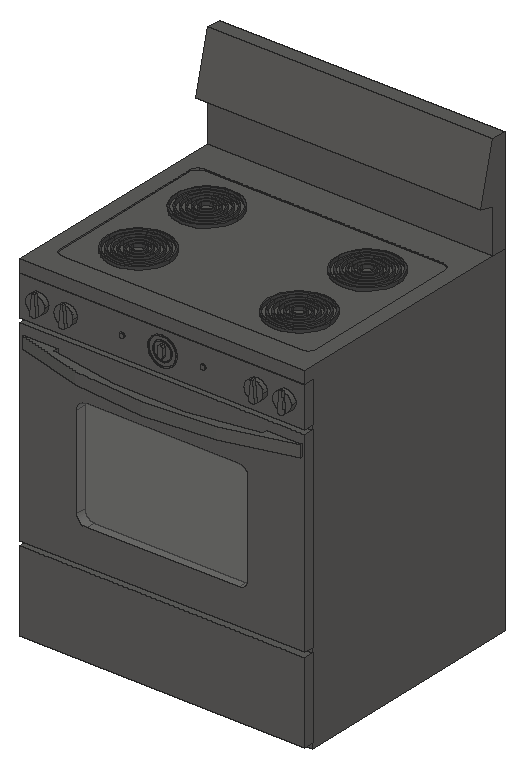
Revit family "JB450DFBB_GE_RANGE ADA", category Specialty Equipment, Revit 2019
Family settings
  Round Connector Dimension = Use Diameter
  Part Type = Normal
  Work Plane-Based = No
  Always vertical = Yes
  Cut with Voids When Loaded = No
  Shared = No
  Room Calculation Point = No
Parameters
  Model = "JB450DFBB"
  Manufacturer = "GE APPLIANCES"
  M_VISOR = M_GLASS
  M_RANGE = M_ST_RANGE
  M_HANDLE = M_ST_HANDLE
  M_DETAILS = M_OT_DETAILS
  M_BURNER = M_ST_BURNER
  HIGHT_TOTAL = HIGHT + 0' 11"  # 3' - 11"
  HIGHT = 3' - 0"
  Description = "30\" Free-Standing Electric Range"
Reference planes (in)
  plane 1 "Center (Front/Back)": y = 0
  plane 2: z = 0
  plane 3 "Center (Left/Right)": x = 0
  plane 4: z = 34.75
  plane 5: z = 36
  plane 6: z = 47
  plane 7: z = 32.625
  plane 8: through (-13.22425, -177.14074, 0.89531) normal (0, -0.1908, 0.9816)
  plane 9: y = 13.125
Forms (in)
  Extrusion 1, solid, material "M_ST_RANGE" <- "M_RANGE"
    sketch origin (0, 0, 0) x (1, 0, 0) y (0, 1, 0)
      loop
        line (-15, 13.125) -> (-15, -12.125) -> (15, -12.125) -> (15, 13.125) -> (-15, 13.125)
    from 0 to 34.75
  Extrusion 2, solid, material "M_ST_RANGE" <- "M_RANGE"
    sketch origin (0, 0, 0) x (0, 1, 0) y (0, 0, 1)
      loop
        line (13.125, 36) -> (13.125, 47) -> (11.625, 47) -> (10.02776, 41.03901) -> (11.625, 40.61103) -> (11.625, 36) -> (13.125, 36)
    from -15 to 15
  Extrusion 3, solid, material "M_ST_RANGE" <- "M_RANGE"
    sketch origin (0, 0, 0) x (1, 0, 0) y (0, 1, 0)
      loop
        line (-15, 13.125) -> (-15, -13.125) -> (15, -13.125) -> (15, 13.125) -> (-15, 13.125)
    from 34.75 to 36
  Extrusion 4, solid, material "M_ST_RANGE" <- "M_RANGE"
    sketch origin (0, -12.125, 0) x (1, 0, 0) y (0, 0, 1)
      loop
        line (-15, 9) -> (-15, 0.5) -> (15, 0.5) -> (15, 9) -> (-15, 9)
      loop
        line (-15, 34.75) -> (-15, 30.5) -> (15, 30.5) -> (15, 34.75) -> (-15, 34.75)
      loop
        line (15, 9.5) -> (15, 30) -> (-15, 30) -> (-15, 9.5) -> (15, 9.5)
      loop
        arc (-8, 24.91527) -> (-8.70711, 24.62238) -> (-9, 23.91527) r 1
        line (-9, 23.91527) -> (-9, 14.16527)
        arc (-9, 14.16527) -> (-8.70711, 13.45816) -> (-8, 13.16527) r 1
        line (-8, 13.16527) -> (8, 13.16527)
        arc (8, 13.16527) -> (8.70711, 13.45816) -> (9, 14.16527) r 1
        line (9, 14.16527) -> (9, 23.91527)
        arc (9, 23.91527) -> (8.70711, 24.62238) -> (8, 24.91527) r 1
        line (8, 24.91527) -> (-8, 24.91527)
    from 0 to 1
  Extrusion 5, solid, material "M_OT_DETAILS" <- "M_DETAILS"
    sketch origin (0, 0, 0) x (1, 0, 0) y (0, 0, 1)
      loop
        circle (-13, 32.625) r 1
      loop
        circle (-10, 32.625) r 1
      loop
        circle (13, 32.625) r 1
      loop
        circle (10, 32.625) r 1
    from 13.125 to 13.625
  Extrusion 6, solid, material "M_OT_DETAILS" <- "M_DETAILS"
    sketch origin (0, 0, 0) x (1, 0, 0) y (0, 0, 1)
      loop
        circle (0, 32.625) r 1.5
      loop
        circle (0, 32.625) r 1.4375
      loop
        circle (0, 32.625) r 0.9375
      loop
        circle (0, 32.625) r 1
    from 13.125 to 13.15625
  Extrusion 7, solid, material "M_OT_DETAILS" <- "M_DETAILS"
    sketch origin (0, 0, 0) x (1, 0, 0) y (0, 0, 1)
      loop
        arc (-0.25, 32.23027) -> (0, 31.98027) -> (0.25, 32.23027) r 0.25
        line (0.25, 32.23027) -> (0.25, 33.01973)
        arc (0.25, 33.01973) -> (0, 33.26973) -> (-0.25, 33.01973) r 0.25
        line (-0.25, 33.01973) -> (-0.25, 32.23027)
    from 13.15625 to 13.40625
  Extrusion 8, solid, material "M_OT_DETAILS" <- "M_DETAILS"
    sketch origin (0, 0, 0) x (1, 0, 0) y (0, 0, 1)
      loop
        circle (-4.26352, 32.625) r 0.25
      loop
        circle (4.26352, 32.625) r 0.25
    from 13.125 to 13.15625
  Extrusion 9, solid, material "M_GLASS" <- "M_VISOR"
    sketch origin (0, 0, 0) x (1, 0, 0) y (0, 0, 1)
      loop
        line (-9, 23.91527) -> (-9, 14.16527)
        arc (-9, 14.16527) -> (-8.70711, 13.45816) -> (-8, 13.16527) r 1
        line (-8, 13.16527) -> (8, 13.16527)
        arc (8, 13.16527) -> (8.70711, 13.45816) -> (9, 14.16527) r 1
        line (9, 14.16527) -> (9, 23.91527)
        arc (9, 23.91527) -> (8.70711, 24.62238) -> (8, 24.91527) r 1
        line (8, 24.91527) -> (-8, 24.91527)
        arc (-8, 24.91527) -> (-8.70711, 24.62238) -> (-9, 23.91527) r 1
    from 12.125 to 13.125
  Extrusion 10, solid, material "M_OT_DETAILS" <- "M_DETAILS"
    sketch origin (0, -13.625, 0.0778) x (1, 0, 0) y (0, 0, 1)
      loop
        line (-13.13199, 33.6563) -> (-13.31651, 31.5472)
        arc (-13.31651, 31.5472) -> (-13.00001, 31.44043) -> (-12.68351, 31.5472) r 0.5225
        line (-12.68351, 31.5472) -> (-12.86803, 33.6563) -> (-13.00001, 33.71506) -> (-13.13199, 33.6563)
      loop
        line (-10.13197, 33.6563) -> (-10.31649, 31.5472)
        arc (-10.31649, 31.5472) -> (-9.99999, 31.44043) -> (-9.68349, 31.5472) r 0.5225
        line (-9.68349, 31.5472) -> (-9.86801, 33.6563) -> (-9.99999, 33.71506) -> (-10.13197, 33.6563)
      loop
        line (9.86799, 33.6563) -> (9.68346, 31.5472)
        arc (9.68346, 31.5472) -> (9.99997, 31.44043) -> (10.31647, 31.5472) r 0.5225
        line (10.31647, 31.5472) -> (10.13195, 33.6563) -> (9.99997, 33.71506) -> (9.86799, 33.6563)
      loop
        line (12.86801, 33.6563) -> (12.68349, 31.5472)
        arc (12.68349, 31.5472) -> (12.99999, 31.44043) -> (13.31649, 31.5472) r 0.5225
        line (13.31649, 31.5472) -> (13.13197, 33.6563) -> (12.99999, 33.71506) -> (12.86801, 33.6563)
    from 0 to 0.25
  Extrusion 11, solid, material "M_ST_HANDLE" <- "M_HANDLE"
    sketch origin (0, 0, 27.75) x (1, 0, 0) y (0, 1, 0)
      loop
        arc (-14.62562, -13.26503) -> (-0.00033, -15.875) -> (14.625, -13.26525) r 42.28409
        line (14.625, -13.26525) -> (14.625, -13.125) -> (11, -13.125) -> (11, -13.625)
        arc (11, -13.625) -> (0, -15.02165) -> (-11, -13.625) r 44.01626
        line (-11, -13.625) -> (-11, -13.125) -> (-14.62562, -13.125) -> (-14.62562, -13.26503)
    from 0 to 1.25
  Extrusion 12, void
    sketch origin (0, 0, 0.44685) x (1, 0, 0) y (0, 1, 0)
      loop
        line (12.5, 8.15276) -> (-12.5, 8.15276)
        arc (-12.5, 8.15276) -> (-13.20711, 7.85986) -> (-13.5, 7.15276) r 1
        line (-13.5, 7.15276) -> (-13.5, -9.625)
        arc (-13.5, -9.625) -> (-13.20711, -10.33211) -> (-12.5, -10.625) r 1
        line (-12.5, -10.625) -> (12.5, -10.625)
        arc (12.5, -10.625) -> (13.20711, -10.33211) -> (13.5, -9.625) r 1
        line (13.5, -9.625) -> (13.5, 7.15276)
        arc (13.5, 7.15276) -> (13.20711, 7.85986) -> (12.5, 8.15276) r 1
    from 35.55315 to 35.42815
  Extrusion 13, solid, material "M_ST_BURNER" <- "M_BURNER"
    sketch origin (0, -0.1317, 0) x (1, 0, 0) y (0, 1, 0)
      loop
        circle (-8.44891, 3.3817) r 3.25
      loop
        circle (-8.44891, 3.3817) r 3.125
      loop
        circle (-8.44891, 3.3817) r 2.625
      loop
        circle (-8.44891, 3.3817) r 2.75
      loop
        circle (-8.44891, 3.3817) r 2.125
      loop
        circle (-8.44891, 3.3817) r 2.25
      loop
        circle (-8.44891, 3.3817) r 1.625
      loop
        circle (-8.44891, 3.3817) r 1.75
      loop
        circle (-8.44891, 3.3817) r 1.125
      loop
        circle (-8.44891, 3.3817) r 1.25
      loop
        circle (-8.44891, 3.3817) r 0.625
      loop
        circle (-8.44891, 3.3817) r 0.75
      loop
        circle (8.44891, 3.3817) r 3.25
      loop
        circle (8.44891, 3.3817) r 3.125
      loop
        circle (8.44891, 3.3817) r 2.625
      loop
        circle (8.44891, 3.3817) r 2.75
      loop
        circle (8.44891, 3.3817) r 2.125
      loop
        circle (8.44891, 3.3817) r 2.25
      loop
        circle (8.44891, 3.3817) r 1.625
      loop
        circle (8.44891, 3.3817) r 1.75
      loop
        circle (8.44891, 3.3817) r 1.125
      loop
        circle (8.44891, 3.3817) r 1.25
      loop
        circle (8.44891, 3.3817) r 0.625
      loop
        circle (8.44891, 3.3817) r 0.75
      loop
        circle (-8.44891, -5.59054) r 3.25
      loop
        circle (-8.44891, -5.59054) r 3.125
      loop
        circle (-8.44891, -5.59054) r 2.625
      loop
        circle (-8.44891, -5.59054) r 2.75
      loop
        circle (-8.44891, -5.59054) r 2.125
      loop
        circle (-8.44891, -5.59054) r 2.25
      loop
        circle (-8.44891, -5.59054) r 1.625
      loop
        circle (-8.44891, -5.59054) r 1.75
      loop
        circle (-8.44891, -5.59054) r 1.125
      loop
        circle (-8.44891, -5.59054) r 1.25
      loop
        circle (-8.44891, -5.59054) r 0.625
      loop
        circle (-8.44891, -5.59054) r 0.75
      loop
        circle (8.44891, -5.59054) r 3.25
      loop
        circle (8.44891, -5.59054) r 3.125
      loop
        circle (8.44891, -5.59054) r 2.625
      loop
        circle (8.44891, -5.59054) r 2.75
      loop
        circle (8.44891, -5.59054) r 2.125
      loop
        circle (8.44891, -5.59054) r 2.25
      loop
        circle (8.44891, -5.59054) r 1.625
      loop
        circle (8.44891, -5.59054) r 1.75
      loop
        circle (8.44891, -5.59054) r 1.125
      loop
        circle (8.44891, -5.59054) r 1.25
      loop
        circle (8.44891, -5.59054) r 0.625
      loop
        circle (8.44891, -5.59054) r 0.75
    from 35.875 to 36.1825
Cuts and joins
  Extrusion 12 cuts Extrusion 1
  Extrusion 12 cuts Extrusion 3
  joined: Extrusion 1, Extrusion 3
Dimensions and locks (in)
  Extrusion 3 to Extrusion 4 sketch curve to Extrusion 4 sketch curve to Extrusion 4 sketch curve to Extrusion 4 sketch curve = 0' - 4 1/4" locked, 0' - 0 1/2" locked, 1' - 8 1/2" locked, 0' - 0 1/2" locked
  locked: Extrusion 4 sketch curve to plane 2 at 0.5
  plane 6 to plane 5 to plane 4 = 0' - 11" locked, 0' - 1 1/4" locked
  "HIGHT": plane 5 to level
  locked: Extrusion 4 sketch curve to Extrusion 4 sketch curve at 5.08473
  locked: Extrusion 4 sketch curve to Extrusion 4 sketch curve at 3.66527
  Extrusion 10 sketch curve to plane 8 to Extrusion 10 sketch curve = 0' - 1.09286", 0' - 1.03518"
  locked: plane 7 to Extrusion 10 at 1.16787
  locked: plane 4 to plane 7 at 2.125
  locked: plane 7 to Extrusion 11 at 3.625
  locked: Extrusion 11 to Extrusion 11 at 1.25
  Extrusion 13 to plane 5 to Extrusion 13 = 0' - 0.1825" locked, 0' - 0 1/8" locked
  locked: plane 5 to cut or joined group of Extrusion 1, Extrusion 3, Extrusion 12 at 0.125
  aligned and locked: plane 2 to level
  aligned and locked: Extrusion 3 to Extrusion 4
  aligned and locked: Extrusion 1 to Extrusion 3
  aligned and locked: Extrusion 2 to Extrusion 3
  aligned and locked: Extrusion 3 to Extrusion 6
  aligned and locked: Extrusion 7 to Extrusion 6
  aligned and locked: Extrusion 8 to Extrusion 4
  aligned and locked: Extrusion 9 to Extrusion 1
  aligned and locked: Extrusion 2 to plane 5  (x2)
  aligned and locked: Extrusion 3 to plane 4
  aligned and locked: plane 5 to Extrusion 3
  aligned and locked: plane 4 to Extrusion 1
  aligned and locked: plane 4 to Extrusion 4
  aligned and locked: Extrusion 9 to Extrusion 4  (x2)
  aligned and locked: Extrusion 3 to Extrusion 12
  aligned and locked: cut or joined group of Extrusion 1, Extrusion 3, Extrusion 12 to Extrusion 13
Automatic sketch dimensions
  Extrusion 10 sketch curve to Extrusion 10 sketch curve = 0' - 0.18452"  (x4)
  Extrusion 10 sketch curve to Extrusion 10 sketch curve = 0' - 0.13198"  (x8)
  Extrusion 10 sketch curve to Extrusion 10 sketch curve = 0' - 0.3165"  (x8)
  Extrusion 10 sketch curve to Extrusion 10 sketch curve = 0' - 2.36701"  (x2)
  Extrusion 10 sketch curve to Extrusion 10 sketch curve = 0' - 0"  (x7)
  Extrusion 10 sketch curve to Extrusion 10 sketch curve = 0' - 0.41574"  (x4)
  Extrusion 10 sketch curve to Extrusion 10 sketch curve = 0' - 1.69337"  (x4)
  Extrusion 10 sketch curve to Extrusion 10 sketch curve = 0' - 0.05876"  (x4)
  Extrusion 1 sketch curve to plane 3 "Center (Left/Right)" = 1' - 3"
  plane 3 "Center (Left/Right)" to Extrusion 1 sketch curve = 1' - 3"
  plane 1 "Center (Front/Back)" to Extrusion 1 sketch curve = 1' - 0 1/8"
  Extrusion 1 sketch curve to plane 1 "Center (Front/Back)" = 1' - 1 1/8"
  Extrusion 2 sketch curve to plane 6 = 0' - 0"
  Extrusion 2 sketch curve to plane 5 = 0' - 0"
  plane 5 to Extrusion 2 sketch curve = 0' - 5.03901"
  Extrusion 2 sketch curve to plane 1 "Center (Front/Back)" = 0' - 10.02776"
  Extrusion 2 sketch curve to Extrusion 2 sketch curve = 0' - 1.59724"  (x2)
  Extrusion 2 sketch curve to Extrusion 2 sketch curve = 0' - 1 1/2"
  Extrusion 3 sketch curve to plane 3 "Center (Left/Right)" = 1' - 3"
  plane 3 "Center (Left/Right)" to Extrusion 3 sketch curve = 1' - 3"
  plane 1 "Center (Front/Back)" to Extrusion 3 sketch curve = 1' - 1 1/8"
  Extrusion 3 sketch curve to plane 1 "Center (Front/Back)" = 1' - 1 1/8"
  Extrusion 4 sketch curve to plane 4 = 0' - 0"
  Extrusion 4 sketch curve to plane 3 "Center (Left/Right)" = 1' - 3"  (x2)
  Extrusion 4 sketch curve to Extrusion 4 sketch curve = 0' - 0"  (x3)
  Extrusion 4 sketch curve to Extrusion 4 sketch curve = 0' - 6"
  Extrusion 4 sketch curve to Extrusion 4 sketch curve = 0' - 1"  (x3)
  plane 3 "Center (Left/Right)" to Extrusion 4 sketch curve = 0' - 8"  (x2)
  Extrusion 4 sketch curve to Extrusion 4 sketch curve = 0' - 7"
  Extrusion 5 sketch curve to plane 7 = 0' - 0"  (x4)
  Extrusion 5 sketch curve to plane 3 "Center (Left/Right)" = 1' - 1"
  Extrusion 5 sketch curve to Extrusion 5 sketch curve = 0' - 3"  (x2)
  plane 3 "Center (Left/Right)" to Extrusion 5 sketch curve = 0' - 10"
  Extrusion 6 sketch curve to Extrusion 6 sketch curve = 0' - 0"  (x12)
  Extrusion 6 sketch curve to plane 3 "Center (Left/Right)" = 0' - 0"
  Extrusion 6 sketch curve to plane 7 = 0' - 0"
  Extrusion 7 sketch curve to plane 3 "Center (Left/Right)" = 0' - 0"
  Extrusion 7 sketch curve to Extrusion 7 sketch curve = 0' - 0 1/4"
  Extrusion 7 sketch curve to plane 7 = 0' - 0.39473"
  plane 7 to Extrusion 7 sketch curve = 0' - 0.39473"
  Extrusion 8 sketch curve to plane 7 = 0' - 0"  (x2)
  Extrusion 8 sketch curve to plane 3 "Center (Left/Right)" = 0' - 4.26352"
  plane 3 "Center (Left/Right)" to Extrusion 8 sketch curve = 0' - 4.26352"
  Extrusion 9 sketch curve to plane 3 "Center (Left/Right)" = 0' - 9"
  Extrusion 9 sketch curve to Extrusion 9 sketch curve = 0' - 1"  (x3)
  plane 3 "Center (Left/Right)" to Extrusion 9 sketch curve = 0' - 8"  (x2)
  level to Extrusion 9 sketch curve = 1' - 1.16527"
  Extrusion 9 sketch curve to plane 7 = 0' - 8.70973"
  Extrusion 11 sketch curve to plane 3 "Center (Left/Right)" = 0' - 0"  (x2)
  Extrusion 11 sketch curve to plane 3 "Center (Left/Right)" = 0' - 11"
  Extrusion 11 sketch curve to Extrusion 11 sketch curve = 0' - 3.62562"
  plane 3 "Center (Left/Right)" to Extrusion 11 sketch curve = 0' - 11"
  Extrusion 11 sketch curve to Extrusion 11 sketch curve = 0' - 3 5/8"
  plane 1 "Center (Front/Back)" to Extrusion 11 sketch curve = 1' - 1 5/8"
  Extrusion 11 sketch curve to Extrusion 11 sketch curve = 0' - 0.35975"
  Extrusion 11 sketch curve to Extrusion 11 sketch curve = 0' - 0 1/2"  (x2)
  Extrusion 11 sketch curve to plane 1 "Center (Front/Back)" = 2' - 2.40909"
  Extrusion 11 sketch curve to Extrusion 11 sketch curve = 0' - 2.58552"
  Extrusion 12 sketch curve to plane 1 "Center (Front/Back)" = 0' - 7.15276"  (x2)
  Extrusion 12 sketch curve to plane 3 "Center (Left/Right)" = 1' - 1 1/2"
  Extrusion 12 sketch curve to Extrusion 12 sketch curve = 0' - 1"  (x2)
  plane 3 "Center (Left/Right)" to Extrusion 12 sketch curve = 1' - 0 1/2"  (x2)
  plane 1 "Center (Front/Back)" to Extrusion 12 sketch curve = 0' - 9 5/8"
  Extrusion 13 sketch curve to Extrusion 13 sketch curve = 0' - 0"  (x528)
  Extrusion 13 sketch curve to plane 1 "Center (Front/Back)" = 0' - 3 1/4"  (x2)
  Extrusion 13 sketch curve to plane 3 "Center (Left/Right)" = 0' - 8.44891"  (x2)
  plane 3 "Center (Left/Right)" to Extrusion 13 sketch curve = 0' - 8.44891"  (x2)
  plane 1 "Center (Front/Back)" to Extrusion 13 sketch curve = 0' - 5.72224"  (x2)
  radius of Extrusion 5 sketch curve = 0' - 1"  (x4)
  radius of Extrusion 6 sketch curve = 0' - 1 1/2"
  radius of Extrusion 6 sketch curve = 0' - 1 7/16"
  radius of Extrusion 6 sketch curve = 0' - 0 15/16"
  radius of Extrusion 6 sketch curve = 0' - 1"
  radius of Extrusion 8 sketch curve = 0' - 0 1/4"  (x2)
  radius of Extrusion 13 sketch curve = 0' - 3 1/4"  (x4)
  radius of Extrusion 13 sketch curve = 0' - 3 1/8"  (x4)
  radius of Extrusion 13 sketch curve = 0' - 2 5/8"  (x4)
  radius of Extrusion 13 sketch curve = 0' - 2 3/4"  (x4)
  radius of Extrusion 13 sketch curve = 0' - 2 1/8"  (x4)
  radius of Extrusion 13 sketch curve = 0' - 2 1/4"  (x4)
  radius of Extrusion 13 sketch curve = 0' - 1 5/8"  (x4)
  radius of Extrusion 13 sketch curve = 0' - 1 3/4"  (x4)
  radius of Extrusion 13 sketch curve = 0' - 1 1/8"  (x4)
  radius of Extrusion 13 sketch curve = 0' - 1 1/4"  (x4)
  radius of Extrusion 13 sketch curve = 0' - 0 5/8"  (x4)
  radius of Extrusion 13 sketch curve = 0' - 0 3/4"  (x4)
